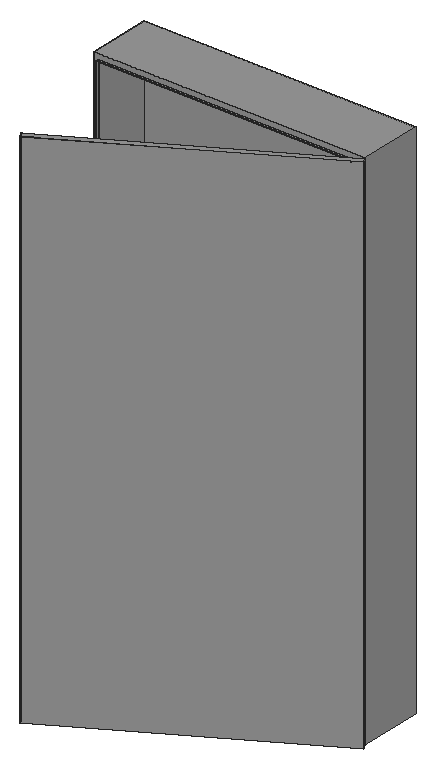
Revit family "Hager-Univers-IP44-D205-H1550-Cl.I-Encl-NoHosted-AT-de", category Equipement électrique, Revit 2020
Family settings
  Configuration du panneau = Deux colonnes, circuits au sein
  Cote de connecteur circulaire = Utiliser le diamètre
  Type d'élément = Tableau de raccordement
  Basée sur le plan de construction = Oui
  Toujours verticalement = Oui
  Couper avec des vides une fois chargée = Non
  Partagée = Non
  Point de calcul de pièce = Non
Parameters (values of type "Aufputz IP44 B800 H1550 T205  - FP03TN2")
  Width Control [instance] = if([EF000008 - Breite] > Min Width, [EF000008 - Breite], Min Width)  # 800 mm
  Commentaires du type = [HG000003 - Bereich]  # "Univers"
  Thickness Door [instance] = if([EF009171 - Materialstärke Tür/Deckel] > 3 mm, 3 mm, [EF009171 - Materialstärke Tür/Deckel])  # 1 mm
  Seal Frame Offset [instance] = 17 mm  # constant formula
  Plinth Visibility [instance] = [HG000027 - Sockelhöhe] > 0 mm  # no
  Min Width [instance] = 100 mm  # constant formula
  Min Depth [instance] = (2 * [EF009170 - Materialstärke Gehäuse]) + 1 mm  # 3 mm
  Min Height [instance] = 100 mm  # constant formula
  Internal Frame Depth [instance] = (Door System Depth * 0.5)  # 9 mm
  Panel Name [instance] = ""  # (empty or 0)
  Model = ""
  HG000027 - Sockelhöhe = 0 mm
  HG000026 - Stehend auf dem Boden = no
  HG000024 - Höhe des unteren Teils = 600 mm
  HG000023 - Gehäuse mit doppeltem Querschnitt = no
  HG000016 - 3D-Türsichtbarkeit [instance] = yes
  HG000015 - Sichtbarkeit der Türöffnung [instance] = no
  HG000014 - Tür rechts [instance] = yes
  HG000013 - Tür links [instance] = not([HG000014 - Tür rechts])  # no
  HG000012 - Türschwenkwinkel [instance] = 30.00°
  HG000010 - Asymmetrische Türen = no
  HG000009 - Doppelflügeligen Tür = no
  HG000006 - Unterputz = no
  HG000004 - Herstellerreferenz = "FP03TN2"
  HG000003 - Bereich = "Univers"
  HG000002 - Mit tür = yes
  Frame Offset Bottom [instance] = 10 mm  # constant formula
  Frame Offset [instance] = 15 mm  # constant formula
  EF015940 - Deckel mit Überdruckentlastung = no
  EF011959 - Schutzart (NEMA) = ""
  EF009554 - Anzahl der Öffnungen für Flanschplatten = 6
  EF009212 - Ausführung Deckel = "EV000116 - geschlossen"
  EF009171 - Materialstärke Tür/Deckel = 1 mm
  EF009170 - Materialstärke Gehäuse = 1 mm
  EF008873 - Nennstrom (In) = 250 A
  EF007800 - Geeignet für Blitzschutz = no
  EF006306 - Mit Schloss = no
  EF006244 - Transparenter Deckel/Tür = no
  EF005474 - Schutzart (IP) = "EV006418 - IP44"
  EF004464 - Art der Tür = "EV002646 - Einzel"
  EF004427 - Anzahl der Module = 360
  EF004293 - Schlagfestigkeit = "EV006815 - IK09"
  EF003532 - Geeignet für Außengebrauch = no
  EF002950 - Breite in Teilungseinheiten = 36
  EF001613 - Funktionserhalt = "EV000494 - ohne"
  EF001596 - Werkstoff des Gehäuses = "EV000179 - Stahl"
  EF001131 - Innentiefe = 205 mm
  EF001088 - Anbaumöglichkeit = yes
  EF000437 - Anzahl der Leitungseinführungen = 6
  EF000339 - Art der Abdeckung = "EV001012 - Deckel"
  EF000266 - Anzahl der Reihen = 10
  EF000218 - Einbautiefe = 205 mm
  EF000118 - Mit Montageplatte = no
  EF000116 - RAL-Nummer = "9010"
  EF000049 - Tiefe = 205 mm
  EF000040 - Höhe = 1550 mm
  EF000008 - Breite = 800 mm
  EF000007 - Farbe = "EV000202 - weiß"
  EF000003 - Montageart = "EV000384 - Aufputz"
  Door System Leaf Tolerance [instance] = 1.5 mm  # constant formula
  Door System Depth [instance] = 18 mm  # constant formula
  Door Height [instance] = Height Control - [HG000027 - Sockelhöhe]  # 1550 mm
  Description = ""
  Default Elevation = 1219.2 mm
  Connector Offset [instance] = Height Control / 2  # 775 mm
  Fabricant = "Hager"  # constant formula
  Height Control [instance] = if([EF000040 - Höhe] > Min Height, [EF000040 - Höhe], Min Height)  # 1550 mm
  Depth Control [instance] = if([EF000049 - Tiefe] > Min Depth, [EF000049 - Tiefe], Min Depth)  # 205 mm
  Bottom Top Plate Trim [instance] = 1.5 mm  # constant formula
  Plinth height Ctrl [instance] = if([HG000027 - Sockelhöhe] > 0 mm, [HG000027 - Sockelhöhe], 12 mm)  # 12 mm
Types (4, lengths in mm): name | Width Control | HG000010 - Asymmetrische Türen | HG000009 - Doppelflügeligen Tür | HG000004 - Herstellerreferenz | EF009554 - Anzahl der Öffnungen für Flanschplatten | EF008873 - Nennstrom (In) | EF004464 - Art der Tür | EF004427 - Anzahl der Module | EF002950 - Breite in Teilungseinheiten | EF000437 - Anzahl der Leitungseinführungen | EF000008 - Breite
  Aufputz IP44 B1050 H1550 T205  - FP04TN2 | 1050 | no | yes | "FP04TN2" | 8 | 400 A | "EV003602 - Doppel" | 480 | 48 | 8 | 1050
  Aufputz IP44 B1300 H1550 T205  - FP05TN2 | 1300 | yes | yes | "FP05TN2" | 10 | 400 A | "EV003602 - Doppel" | 600 | 60 | 10 | 1300
  Aufputz IP44 B550 H1550 T205  - FP02TN2 | 550 | no | no | "FP02TN2" | 4 | 250 A | "EV002646 - Einzel" | 240 | 24 | 4 | 550
  Aufputz IP44 B800 H1550 T205  - FP03TN2 | 800 | no | no | "FP03TN2" | 6 | 250 A | "EV002646 - Einzel" | 360 | 36 | 6 | 800
Reference planes
  plane 1 "Center (Front/Back)": y = 0
  plane 2: z = 0
  plane 3 "Center (Left/Right)": x = 0
  plane 4: y = 0
  plane 5: y = 0
  plane 6: z = 0
  plane 7: x = -400
  plane 8: x = 400
  plane 9: x = 399
  plane 10: x = -399
  plane 11: z = 0
  plane 12: z = 1
  plane 13: y = -205
  plane 14: y = -1
  plane 15: x = 0
  plane 16: y = -187
  plane 17: y = -204
  plane 18: y = -186
  plane 19: x = -384
  plane 20: x = 384
  plane 21: z = 11
  plane 22: x = -383
  plane 23: x = 383
  plane 24: z = 0
  plane 25: z = 1550
  plane 26: z = 1550
  plane 27: z = 1534
  plane 28: z = 1549
Forms (mm)
  Extrusion 1, solid, material "Hager_Steel_RAL7035_Light_Grey", detail levels medium+fine
    sketch origin (-208.679, -4572, 0) x (-1, 0, 0) y (0, -1, 0)
      loop
        line (191.321, -4385) -> (-608.679, -4385) -> (-608.679, -4572) -> (191.321, -4572) -> (191.321, -4385)
    from 0 to 1550
  Extrusion 2, void
    sketch origin (-350.771, -205, 1219.2) x (1, 0, 0) y (0, 0, 1)
      loop
        line (-48.229, 329.8) -> (-48.229, -1218.2) -> (749.771, -1218.2) -> (749.771, 329.8) -> (-48.229, 329.8)
    from -19 to -204
  Extrusion 3, void
    sketch origin (-290.084, -187, 1219.2) x (1, 0, 0) y (0, 0, 1)
      loop
        line (-93.916, -1208.2) -> (674.084, -1208.2) -> (674.084, 314.8) -> (-93.916, 314.8) -> (-93.916, -1208.2)
    from 0 to -1
  Extrusion 4, solid, material "Hager_Steel_RAL7035_Light_Grey", visible <- "Plinth Visibility", detail levels medium+fine
    sketch origin (0, 0, 0) x (1, 0, 0) y (0, 1, 0)
      loop
        line (-400, 0) -> (-400, -187) -> (400, -187) -> (400, 0) -> (-400, 0)
    from 0 to 12 <- "Plinth height Ctrl"
  Extrusion 5, solid, material "Hager_Steel_RAL7035_Light_Grey", detail levels coarse
    sketch origin (0, 0, 0) x (1, 0, 0) y (0, 1, 0)
      loop
        line (-400, 0) -> (-400, -205) -> (400, -205) -> (400, 0) -> (-400, 0)
    from 0 to 1550 <- "Height Control"
  Sweep 6, void
    path in 3D
      loop
        line (-400, -187, 12) -> (400, -187, 12) -> (400, 0, 12) -> (-400, 0, 12) -> (-400, -187, 12)
    profile origin (-400, -93.5, 12) x (1, 0, 0) y (0, 0, 1)
      loop
        line (0, 0) -> (0, -1.5) -> (1.5, -1.5)
        arc (1.5, -1.5) -> (1.061, -0.439) -> (0, 0) r 1.5
  Extrusion 7, solid, material "Hager_Steel_RAL7035_Light_Grey", detail levels fine
    sketch origin (-400, -187, 0) x (1, 0, 0) y (0, 0, 1)
      loop
        line (16, 11) -> (784, 11) -> (784, 1534) -> (16, 1534) -> (16, 11)
      loop
        line (15, 10) -> (785, 10) -> (785, 1535) -> (15, 1535) -> (15, 10)
    from 0 to 9 <- "Internal Frame Depth"
Cuts and joins
  Extrusion 2, Extrusion 3 cuts Extrusion 1
  Sweep 6 cuts Extrusion 4
Lines and regions (mm)
  Masking region 1
    outline origin (0, 0, 0) x (1, 0, 0) y (0, 1, 0)
      loop
        line (-400, 0) -> (-400, -205) -> (400, -205) -> (400, 0) -> (-400, 0)
  Masking region 2, detail levels coarse
    outline origin (-290.084, -187, 1219.2) x (-1, 0, 0) y (0, 0, 1)
      loop
        line (-690.084, -1219.2) -> (109.916, -1219.2) -> (109.916, 330.8) -> (-690.084, 330.8) -> (-690.084, -1219.2)
  Masking region 3, detail levels coarse
    outline origin (0, 0, 0) x (0, 1, 0) y (0, 0, 1)
      loop
        line (0, 0) -> (0, 1550) -> (-205, 1550) -> (-205, 0) -> (0, 0)
  Masking region 4, visible <- "Plinth Visibility", detail levels medium+fine
    outline origin (0, 0, 0) x (0, 1, 0) y (0, 0, 1)
      loop
        line (-1.5, 12) -> (-185.5, 12)
        arc (-185.5, 12) -> (-185.939, 10.939) -> (-187, 10.5) r 1.5
        line (-187, 10.5) -> (-187, 0) -> (0, 0) -> (0, 10.5)
        arc (0, 10.5) -> (-1.061, 10.939) -> (-1.5, 12) r 1.5
  Masking region 5, detail levels medium+fine
    outline origin (0, 0, 594.038) x (0, 1, 0) y (0, 0, 1)
      loop
        line (0, -594.038) -> (0, 955.962) -> (-187, 955.962) -> (-187, -594.038) -> (0, -594.038)
  Masking region 6, detail levels medium+fine
    outline origin (-359.7, -187, 1211.883) x (-1, 0, 0) y (0, 0, 1)
      loop
        line (-759.7, -1211.883) -> (40.3, -1211.883) -> (40.3, 338.117) -> (-759.7, 338.117) -> (-759.7, -1211.883)
  Masking region 7, visible <- "Plinth Visibility", detail levels medium+fine
    outline origin (-320.334, -187, 1041.368) x (-1, 0, 0) y (0, 0, 1)
      loop
        line (-720.334, -1041.368) -> (79.666, -1041.368) -> (79.666, -1030.868)
        arc (79.666, -1030.868) -> (78.606, -1030.429) -> (78.166, -1029.368) r 1.5
        line (78.166, -1029.368) -> (-718.834, -1029.368)
        arc (-718.834, -1029.368) -> (-719.273, -1030.429) -> (-720.334, -1030.868) r 1.5
        line (-720.334, -1030.868) -> (-720.334, -1041.368)
  sketch lines
    curve 1: line (-400, 0, 12) -> (-400, -187, 12)
    curve 2: line (-400, -187, 12) -> (400, -187, 12)
    curve 3: line (400, 0, 12) -> (-400, 0, 12)
    curve 4: line (400, -187, 12) -> (400, 0, 12)
Dimensions and locks
  locked: plane 1 "Center (Front/Back)" to plane 5
  "EF009170 - Materialstärke Gehäuse": plane 7 to plane 10
  "EF009170 - Materialstärke Gehäuse": plane 8 to plane 9
  equal spacing: plane 7, plane 3 "Center (Left/Right)", plane 8
  "Width Control": plane 7 to plane 8
  "Depth Control": plane 4 to plane 13
  "EF009170 - Materialstärke Gehäuse": plane 4 to plane 14
  "Height Control": plane 25 to level
  "HG000027 - Sockelhöhe": plane 11 to level
  "EF009170 - Materialstärke Gehäuse": plane 12 to plane 11
  "EF009170 - Materialstärke Gehäuse": plane 17 to plane 13
  "EF009170 - Materialstärke Gehäuse": plane 18 to plane 16
  "Frame Offset Bottom": plane 21 to plane 12
  "Frame Offset": plane 10 to plane 19
  "Frame Offset": plane 9 to plane 20
  "Door System Depth": plane 16 to plane 13
  "Seal Frame Offset": plane 7 to plane 22
  "Seal Frame Offset": plane 8 to plane 23
  "EF009170 - Materialstärke Gehäuse": plane 26 to plane 28
  "Frame Offset": plane 28 to plane 27
  "Connector Offset": plane 2 to connector elem
  "Bottom Top Plate Trim": profile plane to Sweep 6 sketch curve
  "Bottom Top Plate Trim": Sweep 6 sketch curve to Sweep 6 sketch curve
  "Plinth height Ctrl": Masking region 4 sketch curve to level
  "Plinth height Ctrl": Masking region 7 sketch curve to level
  "Thickness Door": Extrusion 7 sketch curve to Extrusion 7 sketch curve  (x4)
  "Bottom Top Plate Trim": radius of Sweep 6 sketch curve
  "Bottom Top Plate Trim": radius of Masking region 4 sketch curve  (x2)
  "Bottom Top Plate Trim": radius of Masking region 7 sketch curve  (x2)
  aligned and locked: Extrusion 2 sketch curve to plane 12
  aligned and locked: Extrusion 2 sketch curve to plane 9
  aligned and locked: Extrusion 2 sketch curve to plane 10
  aligned and locked: Extrusion 2 to plane 14
  aligned and locked: Extrusion 1 sketch curve to plane 4
  aligned and locked: plane 8 to Extrusion 1 sketch curve
  aligned and locked: plane 7 to Extrusion 1 sketch curve
  aligned and locked: Extrusion 2 to plane 18
  aligned and locked: Extrusion 3 sketch curve to plane 19
  aligned and locked: plane 20 to Extrusion 3 sketch curve
  aligned and locked: Extrusion 3 to Extrusion 2
  aligned and locked: Extrusion 3 sketch curve to plane 21
  aligned and locked: plane 3 "Center (Left/Right)" to nested 1
  aligned and locked: Extrusion 1 sketch curve to plane 16
  aligned and locked: Extrusion 4 sketch curve to cut or joined group of Extrusion 1, Extrusion 2, Extrusion 3
  aligned and locked: Masking region 1 sketch curve to plane 7
  aligned and locked: Masking region 1 sketch curve to plane 5
  aligned and locked: Masking region 1 sketch curve to plane 8
  aligned and locked: Masking region 2 sketch curve to level
  aligned and locked: level to Masking region 3 sketch curve
  aligned and locked: plane 1 "Center (Front/Back)" to Masking region 3 sketch curve
  aligned and locked: plane 13 to Masking region 3 sketch curve
  aligned and locked: plane 5 to Masking region 4 sketch curve
  aligned and locked: Masking region 2 sketch curve to plane 8
  aligned and locked: Masking region 2 sketch curve to plane 7
  aligned and locked: plane 7 to nested 2
  aligned and locked: nested 2 to plane 5
  aligned and locked: plane 5 to Masking region 5 sketch curve
  aligned and locked: plane 26 to Masking region 5 sketch curve
  aligned and locked: Extrusion 5 sketch curve to plane 8
  aligned and locked: Extrusion 5 sketch curve to plane 7
  aligned and locked: Extrusion 5 sketch curve to plane 5
  aligned and locked: Extrusion 3 sketch curve to plane 27
  aligned and locked: Extrusion 2 sketch curve to plane 28
  aligned and locked: Masking region 2 to plane 25
  aligned and locked: Extrusion 4 to plane 16
  aligned and locked: profile plane to Sweep 6 sketch curve
  aligned and locked: Masking region 5 sketch curve to plane 24
  aligned and locked: level to Masking region 4 sketch curve
  aligned and locked: Masking region 1 to plane 13
  aligned and locked: nested 1 to plane 16
  aligned and locked: Masking region 3 to plane 25
  aligned and locked: plane 16 to Masking region 4 sketch curve
  aligned and locked: Masking region 5 sketch curve to plane 16
  aligned and locked: plane 24 to plane 11
  aligned and locked: plane 26 to plane 25
  aligned and locked: plane 26 to cut or joined group of Extrusion 1, Extrusion 2, Extrusion 3
  aligned and locked: nested 1 to plane 24
  aligned and locked: Extrusion 1 to Extrusion 3
  aligned and locked: Masking region 6 sketch curve to plane 8
  aligned and locked: Masking region 6 sketch curve to plane 24
  aligned and locked: Masking region 6 sketch curve to plane 7
  aligned and locked: Masking region 6 sketch curve to plane 26
  aligned and locked: Masking region 7 sketch curve to plane 7
  aligned and locked: level to Masking region 7 sketch curve
  aligned and locked: Masking region 7 sketch curve to plane 8
  aligned and locked: Extrusion 7 sketch curve to cut or joined group of Extrusion 1, Extrusion 2, Extrusion 3  (x4)
Automatic sketch dimensions
  plane 19 to Extrusion 3 sketch curve = 0 mm
  Extrusion 3 sketch curve to plane 20 = 0 mm
  Extrusion 3 sketch curve to plane 21 = 0 mm
  Extrusion 4 sketch curve to plane 7 = 0 mm
  Extrusion 4 sketch curve to plane 8 = 0 mm
  Extrusion 4 sketch curve to plane 16 = 0 mm
  Masking region 1 sketch curve to plane 13 = 0 mm
  Masking region 2 sketch curve to plane 25 = 0 mm
  Masking region 3 sketch curve to plane 25 = 0 mm
  Extrusion 5 sketch curve to plane 13 = 0 mm
  profile plane to Sweep 6 sketch curve = 0 mm
Nested families
  nested 1: "EC000058_Univers_Door" at (0, -187, 0), Double <- "HG000009 - Doppelflügeligen Tür", Transparent <- "EF006244 - Transparenter Deckel/Tür", Angle <- "HG000012 - Türschwenkwinkel", Door_Right <- "HG000014 - Tür rechts", Assymetrical <- "HG000010 - Asymmetrische Türen", Door <- "HG000002 - Mit tür", Width_Ctrl <- "Width Control", 3d_Door <- "HG000016 - 3D-Türsichtbarkeit", Clearance <- "HG000015 - Sichtbarkeit der Türöffnung", Door_Left <- "HG000013 - Tür links", Width <- "Width Control", Door_Depth <- "Door System Depth", Leaf_Tolerance <- "Door System Leaf Tolerance", Height <- "Door Height", Lock_Visibility <- "EF006306 - Mit Schloss", Thickness <- "Thickness Door", type "EC000058_Univers_Door", detail levels medium+fine
    with min_wh 3 mm, Width_Ctrl 800 mm, Width 800 mm, Transparent no, Thickness 1 mm, Seal_Material Hager_Rubber, Lock_Visibility no, Lock_Material Hager_Plastic_RAL9005_Jet_Black, Leaf_Width 800 mm, Leaf_Tolerance_External_Sides 0 mm, Leaf_Tolerance 1.5 mm, Leaf_Offset 0 mm, Leaf_Height 1547 mm, Leaf_2_Width 800 mm, Leaf_2_Offset 400 mm, Leaf_1_Width 800 mm, Leaf_1_Offset 400 mm, Height_Ctrl 1550 mm, Height 1550 mm, Glass_Material Hager_Glass, Double_Clearance_Ctrl no, Double no, Door_Right_Ctrl yes, Door_Right yes, Door_Material Hager_Steel_RAL7035_Light_Grey, Door_Left_Ctrl no, Door_Left no, Door_Depth 18 mm, Door yes, Clearance_Material Hager_Clearance, Clearance_Depth 800 mm, Clearance_Ctrl no, Clearance no, Assymetrical no, Angle 30.00°, 3d_Door yes
  nested 2: "Hager_Enclosure_Symbol" at (-400, 0, 0), Height <- "Depth Control", Width <- "Width Control", type "Hager_Enclosure_Symbol"
    with Width_Ctrl 800 mm, Width 800 mm, Height_Ctrl 205 mm, Height 205 mm, A_Width_Int 13.453 mm, A_Width 161.438 mm, A_Height_Ctrl 179.375 mm, A_Height 179.375 mm
Connectors
  electrical at (0, 0, 775)
    settings: on plane 1 "Center (Front/Back)", index 1, voltage 0 V, apparent load 0 VA, apparent load phase1 0 VA, apparent load phase2 0 VA, apparent load phase3 0 VA, power factor 1, load classification "Other", number of poles 1, system type 30, power factor state 1, is connector primary yes, connector utility no, sub classification motor no, connector description ""
Definition of nested family "EC000058_Univers_Door"
  Parameters (values of type "EC000058_Univers_Door")
    min_wh [instance] = (2 * Thickness) + 1 mm  # 11 mm
    Width_Ctrl [instance] = 400 mm
    Width [instance] = 500 mm
    Transparent [instance] = yes
    Thickness [instance] = 5 mm
    Seal_Material [instance] = none
    Lock_Visibility [instance] = yes
    Lock_Material [instance] = none
    Leaf_Width [instance] = if((Width_Ctrl - 2 * Leaf_Tolerance_External_Sides) > 0 mm, (Width_Ctrl - 2 * Leaf_Tolerance_External_Sides), min_wh)  # 400 mm
    Leaf_Tolerance_External_Sides [instance] = 0 mm  # constant formula
    Leaf_Tolerance [instance] = 1.5 mm
    Leaf_Offset [instance] = 0 mm  # constant formula
    Leaf_Height [instance] = if((Height_Ctrl - 2 * Leaf_Tolerance) > 0 mm, (Height_Ctrl - 2 * Leaf_Tolerance), min_wh)  # 497 mm
    Leaf_2_Width [instance] = if(and(and(Double, Assymetrical), Door_Left), (Leaf_Width / 3) - (Leaf_Tolerance / 2), if(and(and(Double, Assymetrical), Door_Right), (Leaf_Width / 3) * 2 - (Leaf_Tolerance / 2), if(and(Double, not(Assymetrical)), (Leaf_Width / 2) - Leaf_Tolerance, Leaf_Width)))  # 400 mm
    Leaf_2_Offset [instance] = if(and(Double, Assymetrical), Leaf_2_Width / 2, if(and(Double, not(Assymetrical)), Leaf_Width / 4, Leaf_Width / 2))  # 200 mm
    Leaf_1_Width [instance] = if(and(and(Double, Assymetrical), Door_Right), (Leaf_Width / 3) - (Leaf_Tolerance / 2), if(and(and(Double, Assymetrical), Door_Left), (Width / 3) * 2 - (Leaf_Tolerance / 2), if(and(Double, not(Assymetrical)), (Leaf_Width / 2) - Leaf_Tolerance, Leaf_Width)))  # 400 mm
    Leaf_1_Offset [instance] = if(and(Double, Assymetrical), Leaf_1_Width / 2, if(and(Double, not(Assymetrical)), Leaf_Width / 4, Leaf_Width / 2))  # 200 mm
    Height_Ctrl [instance] = if(Height > min_wh, Height, min_wh)  # 500 mm
    Height [instance] = 500 mm
    Glass_Material [instance] = none
    Double_Clearance_Ctrl [instance] = and(Double, Clearance)  # no
    Double [instance] = no
    Door_Right_Ctrl [instance] = and(or(Door_Right, Double), Door)  # yes
    Door_Right [instance] = yes
    Door_Material [instance] = none
    Door_Left_Ctrl [instance] = and(or(Door_Left, Double), Door)  # no
    Door_Left [instance] = no
    Door_Depth [instance] = 30 mm
    Door [instance] = yes
    Default Elevation = 1219.2 mm
    Clearance_Material [instance] = none
    Clearance_Depth [instance] = if(Leaf_1_Width > Leaf_2_Width, Leaf_1_Width, Leaf_2_Width)  # 400 mm
    Clearance_Ctrl [instance] = and(not(Double), Clearance)  # yes
    Clearance [instance] = yes
    Assymetrical [instance] = yes
    Angle [instance] = 30.00°
    3d_Door [instance] = yes
  Reference planes
    plane 1 "Center (Front/Back)": y = 0
    plane 2 "Bottom": z = 0
    plane 3 "Center (Left/Right)": x = 0
    plane 4: z = 500
    plane 5: x = -200
    plane 6: x = 200
    plane 7: z = 500
    plane 8: x = -200
    plane 9: z = 0
    plane 10: x = 200
    plane 11: y = 0
    plane 12: z = 1.5
    plane 13: x = -600
    plane 14: y = -400
    plane 15: x = 600
    plane 16: x = 0
    plane 17: x = 0
    plane 18: x = -200
    plane 19: x = 200
    plane 20: z = 498.5
  Forms (mm)
    Extrusion 1, solid, material <- "Clearance_Material", visible <- "Double_Clearance_Ctrl"
      sketch origin (1200, 0, 0) x (1, 0, 0) y (0, 0, -1)
        loop
          line (-1800, -498.5) -> (-600, -498.5) -> (-600, 0) -> (-1800, 0) -> (-1800, -498.5)
      from 0 to -400
  Dimensions and locks
    equal spacing: plane 5, plane 3 "Center (Left/Right)", plane 6
    "Width_Ctrl": plane 5 to plane 6
    "Leaf_Offset": plane 5 to plane 8
    "Leaf_Offset": plane 6 to plane 10
    "Leaf_Offset": plane 9 to level
    "Leaf_Offset": plane 4 to plane 7
    "Height_Ctrl": plane 4 to level
    "Leaf_Tolerance": plane 12 to plane 9
    locked: plane 11 to plane 1 "Center (Front/Back)"
    "Leaf_1_Offset": plane 18 to plane 16
    "Leaf_2_Offset": plane 17 to plane 19
    "Leaf_1_Width": plane 13 to plane 8
    "Leaf_2_Width": plane 10 to plane 15
    "Clearance_Depth": plane 14 to plane 1 "Center (Front/Back)"
    "Leaf_Tolerance_External_Sides": plane 8 to plane 18
    "Leaf_Tolerance_External_Sides": plane 19 to plane 10
    "Leaf_Tolerance": plane 7 to plane 20
    aligned and locked: level to plane 2 "Bottom"
    aligned and locked: nested 1 to plane 16
    aligned and locked: nested 2 to plane 17
    aligned and locked: Extrusion 1 to plane 13
    aligned and locked: plane 15 to Extrusion 1
    aligned and locked: Extrusion 1 to plane 14
    aligned and locked: plane 12 to nested 1
    aligned and locked: nested 2 to plane 12
    aligned and locked: Extrusion 1 to plane 11
    aligned and locked: plane 20 to Extrusion 1
    aligned and locked: nested 2 to plane 11
    aligned and locked: nested 1 to plane 11
  Automatic sketch dimensions
    Extrusion 1 sketch curve to level = 0 mm
    plane 5 to Extrusion 1 sketch curve = 400 mm
    plane 6 to Extrusion 1 sketch curve = 400 mm
    Extrusion 1 sketch curve to plane 4 = 1.5 mm
  Nested families
    nested 1: "EC000058_Univers_Door_Leaf" at (0, 0, 1.5), Width <- "Leaf_1_Width", visible <- "Door_Left_Ctrl", Leaf_Height <- "Leaf_Height", Angle <- "Angle", 3d_Door <- "3d_Door", Transparent <- "Transparent", Clearance Material <- "Clearance_Material", Clearance <- "Clearance_Ctrl", Door_Material <- "Door_Material", Glass_Material <- "Glass_Material", Door_Depth <- "Door_Depth", Lock_Material <- "Lock_Material", Seal_Material <- "Seal_Material", Lock_Visibility <- "Lock_Visibility", Thickness <- "Thickness", type "EC000058_Univers_Door_Leaf"
      with Width 400 mm, Transparent_Glass_Offset 30 mm, Transparent_Ctrl yes, Transparent yes, Thickness 5 mm, Standard no, Seal_Material none, Seal_D2 8 mm, Seal_D1 1 mm, Offset_Internal_Frame 10 mm, Lock_Width 20 mm, Lock_Visibility_3d yes, Lock_Visibility yes, Lock_Thickness_3 3 mm, Lock_Thickness_2 1 mm, Lock_Thickness_1 3 mm, Lock_Radius_Offset_2 16 mm, Lock_Radius_Offset_1 15 mm, Lock_Radius_2 5 mm, Lock_Radius 6 mm, Lock_Offset 5 mm, Lock_Material none, Lock_Height 80 mm, Lock_Cover_Top_Offset_2d 17 mm, Lock_Cover_Height -65 mm, Leaf_Height 497 mm, Internal_Seal_Thickness 8 mm, Internal_Seal_Depth_2 4.5 mm, Internal_Frame_Depth 25 mm, Glass_Thickness -1 mm, Glass_Offset -2 mm, Glass_Material none, Door_Material none, Door_Depth 30 mm, Clearance Material none, Clearance yes, Angle_Ctrl 30.00°, Angle 30.00°, 3d_Door yes
    nested 2: "EC000058_Univers_Door_Leaf" at (0, 0, 1.5) x (-1, 0, 0) z (0, 0, 1), Width <- "Leaf_2_Width", visible <- "Door_Right_Ctrl", Leaf_Height <- "Leaf_Height", Angle <- "Angle", 3d_Door <- "3d_Door", Transparent <- "Transparent", Clearance Material <- "Clearance_Material", Clearance <- "Clearance_Ctrl", Door_Material <- "Door_Material", Glass_Material <- "Glass_Material", Door_Depth <- "Door_Depth", Lock_Material <- "Lock_Material", Seal_Material <- "Seal_Material", Lock_Visibility <- "Lock_Visibility", Thickness <- "Thickness", type "EC000058_Univers_Door_Leaf"
      with Width 400 mm, Transparent_Glass_Offset 30 mm, Transparent_Ctrl yes, Transparent yes, Thickness 5 mm, Standard no, Seal_Material none, Seal_D2 8 mm, Seal_D1 1 mm, Offset_Internal_Frame 10 mm, Lock_Width 20 mm, Lock_Visibility_3d yes, Lock_Visibility yes, Lock_Thickness_3 3 mm, Lock_Thickness_2 1 mm, Lock_Thickness_1 3 mm, Lock_Radius_Offset_2 16 mm, Lock_Radius_Offset_1 15 mm, Lock_Radius_2 5 mm, Lock_Radius 6 mm, Lock_Offset 5 mm, Lock_Material none, Lock_Height 80 mm, Lock_Cover_Top_Offset_2d 17 mm, Lock_Cover_Height -65 mm, Leaf_Height 497 mm, Internal_Seal_Thickness 8 mm, Internal_Seal_Depth_2 4.5 mm, Internal_Frame_Depth 25 mm, Glass_Thickness -1 mm, Glass_Offset -2 mm, Glass_Material none, Door_Material none, Door_Depth 30 mm, Clearance Material none, Clearance yes, Angle_Ctrl 30.00°, Angle 30.00°, 3d_Door yes
  Definition of nested family "EC000058_Univers_Door_Leaf"
    Parameters (values of type "EC000058_Univers_Door_Leaf")
      Width [instance] = 2000 mm
      Transparent_Glass_Offset [instance] = 30 mm
      Transparent_Ctrl [instance] = and(Transparent, [3d_Door])  # yes
      Transparent [instance] = yes
      Thickness [instance] = 5 mm
      Standard [instance] = and(not(Transparent), [3d_Door])  # no
      Seal_Material [instance] = none
      Seal_D2 [instance] = 8 mm  # constant formula
      Seal_D1 [instance] = 1 mm  # constant formula
      Offset_Internal_Frame [instance] = 10 mm  # constant formula
      Lock_Width [instance] = 20 mm  # constant formula
      Lock_Visibility_3d [instance] = and(Lock_Visibility, [3d_Door])  # yes
      Lock_Visibility [instance] = yes
      Lock_Thickness_3 [instance] = 3 mm  # constant formula
      Lock_Thickness_2 [instance] = 1 mm  # constant formula
      Lock_Thickness_1 [instance] = 3 mm  # constant formula
      Lock_Radius_Offset_2 [instance] = Lock_Radius_Offset_1 + 1 mm  # 16 mm
      Lock_Radius_Offset_1 [instance] = 15 mm  # constant formula
      Lock_Radius_2 [instance] = Lock_Radius - 1 mm  # 5 mm
      Lock_Radius [instance] = 6 mm  # constant formula
      Lock_Offset [instance] = 5 mm  # constant formula
      Lock_Material [instance] = none
      Lock_Height [instance] = 80 mm  # constant formula
      Lock_Cover_Top_Offset_2d [instance] = Lock_Radius_Offset_2 + 1 mm  # 17 mm
      Lock_Cover_Height [instance] = -(Lock_Height - Lock_Radius_Offset_1)  # -65 mm
      Leaf_Height [instance] = 2720.336 mm
      Internal_Seal_Thickness [instance] = 8 mm  # constant formula
      Internal_Seal_Depth_2 [instance] = 4.5 mm  # constant formula
      Internal_Frame_Depth [instance] = if(Door_Depth - Thickness > 5 mm, Door_Depth - Thickness, 5 mm)  # 25 mm
      Glass_Thickness [instance] = if(Thickness > 15 mm, Glass_Offset + 10 mm, -1 mm)  # -1 mm
      Glass_Offset [instance] = if(Thickness > 15 mm, -(Thickness + 10 mm) / 2, -2 mm)  # -2 mm
      Glass_Material [instance] = none
      Door_Material [instance] = none
      Door_Depth [instance] = 30 mm
      Default Elevation = 0 mm
      Clearance Material [instance] = none
      Clearance [instance] = yes
      Angle_Ctrl [instance] = if(Angle > 180.00°, 180.00°, Angle)  # 90.00°
      Angle [instance] = 90.00°
      3d_Door [instance] = yes
    Reference planes
      plane 1 "Center (Front/Back)": y = 0
      plane 2: z = 0
      plane 3 "Center (Left/Right)": x = 0
      plane 4: y = 2000
      plane 5: x = -1000
      plane 6: x = 1000
      plane 7: x = -3000
      plane 8: z = 2720.336
      plane 9: z = 30
      plane 10: z = 2690.336
      plane 11: x = 970
      plane 12: x = -970
      plane 13: y = -3
      plane 14: z = 107.833
      plane 15: y = -5
      plane 16: y = -223.314
      plane 17: x = -1000
      plane 18: z = 1360.168
      plane 19: y = 30
    Forms (mm)
      Extrusion 1, solid, material <- "Clearance Material", visible <- "Clearance"
        sketch origin (0, 0, 0) x (1, 0, 0) y (0, 0, 1)
          loop
            line (-3000, 2720.336) -> (-3000, 0) -> (1000, 0) -> (1000, 2720.336) -> (-3000, 2720.336)
        from 0 to -2000
      Extrusion 2, solid, material <- "Door_Material", visible <- "Standard", detail levels medium+fine
        sketch origin (-1000, 0, 0) x (0, 1, 0) y (-1, 0, 0)
          loop
            line (0, 30) -> (0, 25) -> (2000, 25) -> (2000, 30) -> (0, 30)
        from 0 to 2720.336 <- "Leaf_Height"
      Extrusion 3, solid, material <- "Door_Material", visible <- "Transparent_Ctrl", detail levels medium+fine
        sketch origin (-1000, 0, 0) x (0, 1, 0) y (-1, 0, 0)
          loop
            line (0, 25) -> (2000, 25) -> (2000, 30) -> (0, 30) -> (0, 25)
        from 0 to 2720.336 <- "Leaf_Height"
      Extrusion 4, void
        sketch origin (-1025, 2000, 0) x (0, 1, 0) y (0, 0, -1)
          loop
            line (-30, -2690.336) -> (-30, -30) -> (-1970, -30) -> (-1970, -2690.336) -> (-30, -2690.336)
        from 0 to 5 <- "Thickness"
      Sweep 5, solid, material <- "Seal_Material", visible <- "Transparent_Ctrl", detail levels fine
        path in 3D
          loop
            line (-1025, 30, 30) -> (-1025, 30, 2690.336) -> (-1025, 1970, 2690.336) -> (-1025, 1970, 30) -> (-1025, 30, 30)
        profile origin (-1025, 1000, 30) x (1, 0, 0) y (0, 0, 1)
          loop
            line (0, 0) -> (0, -8) -> (1, -8) -> (1, 0) -> (0, 0)
      Extrusion 6, solid, material <- "Glass_Material", visible <- "Transparent_Ctrl", detail levels medium+fine
        sketch origin (-1030, 0, 0) x (0, 1, 0) y (0, 0, -1)
          loop
            line (1970, -2690.336) -> (1970, -30) -> (30, -30) -> (30, -2690.336) -> (1970, -2690.336)
        from -2 <- "Glass_Offset" to -1 <- "Glass_Thickness"
      Extrusion 7, solid, material <- "Door_Material", visible <- "3d_Door", detail levels medium+fine
        sketch origin (-1025, 2000, 0) x (0, -1, 0) y (0, 0, -1)
          loop
            line (0, -2720.336) -> (2000, -2720.336) -> (2000, 0) -> (0, 0) -> (0, -2720.336)
          loop
            line (1995, -5) -> (5, -5) -> (5, -2715.336) -> (1995, -2715.336) -> (1995, -5)
        from 0 to 25 <- "Internal_Frame_Depth"
      Sweep 8, solid, material <- "Seal_Material", visible <- "Transparent_Ctrl", detail levels fine
        path in 3D
          loop
            line (-1025, 0, 0) -> (-1025, 2000, 0) -> (-1025, 2000, 2720.336) -> (-1025, 0, 2720.336) -> (-1025, 0, 0)
        profile origin (-1025, 0, 1360.168) x (1, 0, 0) y (0, 1, 0)
          loop
            line (0, 10) -> (2.975, 10)
            arc (2.975, 10) -> (4.053, 10.447) -> (4.5, 11.525) r 1.525
            line (4.5, 11.525) -> (4.5, 16.527)
            arc (4.5, 16.527) -> (4.069, 17.569) -> (3.027, 18) r 1.473
            line (3.027, 18) -> (0, 18) -> (0, 10)
      Extrusion 9, solid, material <- "Lock_Material", visible <- "Lock_Visibility_3d", detail levels fine
        sketch origin (-1030, 0, 0) x (0, 1, 0) y (0, 0, -1)
          loop
            arc (1993.5, -1400.168) -> (1994.561, -1399.729) -> (1995, -1398.668) r 1.5
            line (1995, -1398.668) -> (1995, -1320.168) -> (1975, -1320.168) -> (1975, -1398.668)
            arc (1975, -1398.668) -> (1975.439, -1399.729) -> (1976.5, -1400.168) r 1.5
            line (1976.5, -1400.168) -> (1993.5, -1400.168)
        from 3 <- "Lock_Thickness_1" to 0
      Blend 10, solid, material <- "Lock_Material", visible <- "Lock_Visibility_3d", detail levels fine
        base sketch origin (-1033, 0, 0) x (0, 1, 0) y (0, 0, -1)
          loop
            line (1975, -1320.168) -> (1975, -1398.668)
            arc (1975, -1398.668) -> (1975.439, -1399.729) -> (1976.5, -1400.168) r 1.5
            line (1976.5, -1400.168) -> (1993.5, -1400.168)
            arc (1993.5, -1400.168) -> (1994.561, -1399.729) -> (1995, -1398.668) r 1.5
            line (1995, -1398.668) -> (1995, -1320.168) -> (1975, -1320.168)
        top sketch origin (-1033, 0, 0) x (0, 1, 0) y (0, 0, -1)
          loop
            line (1976, -1320.168) -> (1976, -1398.668)
            arc (1976, -1398.668) -> (1976.146, -1399.022) -> (1976.5, -1399.168) r 0.5
            line (1976.5, -1399.168) -> (1993.5, -1399.168)
            arc (1993.5, -1399.168) -> (1993.854, -1399.022) -> (1994, -1398.668) r 0.5
            line (1994, -1398.668) -> (1994, -1320.168) -> (1976, -1320.168)
        from 0 to 1 <- "Lock_Thickness_2"
      Blend 11, solid, material <- "Lock_Material", visible <- "Lock_Visibility_3d", detail levels fine
        base sketch origin (-1034, 0, 0) x (0, 1, 0) y (0, 0, -1)
          loop
            line (1978, -1320.168) -> (1978, -1384.168)
            arc (1978, -1384.168) -> (1985, -1391.168) -> (1992, -1384.168) r 7
            line (1992, -1384.168) -> (1992, -1320.168) -> (1978, -1320.168)
        top sketch origin (-1034, 0, 0) x (0, 1, 0) y (0, 0, -1)
          loop
            line (1991, -1320.168) -> (1979, -1320.168) -> (1979, -1383.168)
            arc (1979, -1383.168) -> (1985, -1389.168) -> (1991, -1383.168) r 6
            line (1991, -1383.168) -> (1991, -1320.168)
        from 0 to 3 <- "Lock_Thickness_3"
      Extrusion 12, solid, material <- "Lock_Material", visible <- "Lock_Visibility_3d", detail levels fine
        sketch origin (-1030, 1975, 1320.168) x (1, 0, 0) y (0, -1, 0)
          loop
            line (-7, -19) -> (-7, -1) -> (0, -1) -> (0, 0) -> (-8, 0) -> (-8, -20) -> (0, -20) -> (0, -19) -> (-7, -19)
        from 0 to -65 <- "Lock_Cover_Height"
      Extrusion 13, void
        sketch origin (-1038, 1995, 1320.168) x (-1, 0, 0) y (0, 0, -1)
          loop
            line (-5, -65) -> (0, -65) -> (-5, -60) -> (-5, -65)
        from 0 to 20 <- "Lock_Width"
      Extrusion 14, void
        sketch origin (-1038, 1975, 1320.168) x (0, -1, 0) y (0, 0, -1)
          loop
            circle (-10, -15.995) r 6
          loop
            circle (-10, -15.995) r 5
        from 0 to 2
      Extrusion 15, solid, material <- "Lock_Material", visible <- "Lock_Visibility_3d", detail levels medium
        sketch origin (-1030, 0, 0) x (0, 1, 0) y (0, 0, -1)
          loop
            arc (1993.5, -1400.168) -> (1994.561, -1399.729) -> (1995, -1398.668) r 1.5
            line (1995, -1398.668) -> (1995, -1320.168) -> (1975, -1320.168) -> (1975, -1398.668)
            arc (1975, -1398.668) -> (1975.439, -1399.729) -> (1976.5, -1400.168) r 1.5
            line (1976.5, -1400.168) -> (1993.5, -1400.168)
        from 8 to 0
    Cuts and joins
      Extrusion 4 cuts Extrusion 3
      Extrusion 13, Extrusion 14 cuts Extrusion 9
      Extrusion 14 cuts Blend 11
      Extrusion 13, Extrusion 14 cuts Extrusion 12
      joined: Extrusion 9, Blend 10, Blend 11, Extrusion 12
      Extrusion 14 cuts Extrusion 15
    Lines and regions (mm)
      Masking region 1, visible <- "Lock_Visibility", detail levels fine
        outline origin (0, 0, 0) x (0, 1, 0) y (0, 0, 1)
          loop
            line (30, 1320.168) -> (33, 1320.168) -> (33, 1400.168) -> (30, 1400.168) -> (30, 1320.168)
      Masking region 2, visible <- "Lock_Visibility", detail levels fine
        outline origin (0, 3.143, 0) x (0, 1, 0) y (0, 0, 1)
          loop
            line (29.857, 1354.168) -> (30.857, 1354.168) -> (30.857, 1366.168) -> (29.857, 1366.168) -> (29.857, 1354.168)
      Masking region 3, detail levels medium+fine
        outline origin (0, 0, 0) x (0, 1, 0) y (0, 0, 1)
          loop
            line (0, 0) -> (30, 0) -> (30, 2720.336) -> (0, 2720.336) -> (0, 0)
      Masking region 4, detail levels medium+fine
        outline origin (0, 0, 0) x (1, 0, 0) y (0, 0, 1)
          loop
            line (-1000, 2720.336) -> (-1000, 0) -> (1000, 0) -> (1000, 2720.336) -> (-1000, 2720.336)
      Masking region 5, visible <- "Lock_Visibility", detail levels fine
        outline origin (-47.116, 0, 0) x (1, 0, 0) y (0, 0, 1)
          loop
            arc (1024.616, 1399.168) -> (1023.556, 1398.729) -> (1023.116, 1397.668) r 1.5
            line (1023.116, 1397.668) -> (1023.116, 1320.168) -> (1041.116, 1320.168) -> (1041.116, 1397.668)
            arc (1041.116, 1397.668) -> (1040.677, 1398.729) -> (1039.616, 1399.168) r 1.5
            line (1039.616, 1399.168) -> (1024.616, 1399.168)
      Masking region 6, visible <- "Lock_Visibility", detail levels medium+fine
        outline origin (-25, 0, 0) x (1, 0, 0) y (0, 0, 1)
          loop
            arc (1001.5, 1400.168) -> (1000.439, 1399.729) -> (1000, 1398.668) r 1.5
            line (1000, 1398.668) -> (1000, 1320.168) -> (1020, 1320.168) -> (1020, 1398.668)
            arc (1020, 1398.668) -> (1019.561, 1399.729) -> (1018.5, 1400.168) r 1.5
            line (1018.5, 1400.168) -> (1001.5, 1400.168)
      Masking region 7, visible <- "Lock_Visibility", detail levels fine
        outline origin (-73.735, 0, 0) x (1, 0, 0) y (0, 0, 1)
          loop
            line (1051.735, 1382.168) -> (1065.735, 1382.168) -> (1065.735, 1384.168)
            arc (1065.735, 1384.168) -> (1058.735, 1391.168) -> (1051.735, 1384.168) r 7
            line (1051.735, 1384.168) -> (1051.735, 1382.168)
      Masking region 8, visible <- "Lock_Visibility", detail levels fine
        outline origin (-73.735, 0, 0) x (1, 0, 0) y (0, 0, 1)
          loop
            line (1052.735, 1382.168) -> (1064.735, 1382.168) -> (1064.735, 1383.168)
            arc (1064.735, 1383.168) -> (1058.735, 1389.168) -> (1052.735, 1383.168) r 6
            line (1052.735, 1383.168) -> (1052.735, 1382.168)
      Masking region 9, visible <- "Lock_Visibility", detail levels fine
        outline origin (-25, 0, 0) x (1, 0, 0) y (0, 0, 1)
          loop
            line (1020, 1320.168) -> (1020, 1382.168) -> (1000, 1382.168) -> (1000, 1320.168) -> (1020, 1320.168)
      Masking region 10, detail levels medium+fine
        outline origin (0, 0, 0) x (1, 0, 0) y (0, 0, 1)
          loop
            circle (985, 1335.144) r 6
      Masking region 11, detail levels fine
        outline origin (0, 0, 0) x (1, 0, 0) y (0, 0, 1)
          loop
            circle (985, 1335.144) r 5
      Masking region 12, visible <- "Lock_Visibility", detail levels fine
        outline origin (0, 12.767, 0) x (0, 1, 0) y (0, 0, 1)
          loop
            line (20.233, 1320.168) -> (21.233, 1320.168) -> (21.233, 1399.168) -> (20.233, 1400.168) -> (20.233, 1320.168)
      Masking region 13, visible <- "Lock_Visibility", detail levels fine
        outline origin (0, 13.767, -10) x (0, 1, 0) y (0, 0, 1)
          loop
            line (20.233, 1330.168) -> (23.233, 1330.168) -> (23.233, 1399.168) -> (20.233, 1402.168) -> (20.233, 1330.168)
      Masking region 14, visible <- "Lock_Visibility", detail levels fine
        outline origin (0, 12.767, -10) x (0, 1, 0) y (0, 0, 1)
          loop
            line (20.233, 1330.168) -> (25.233, 1330.168) -> (25.233, 1399.305) -> (20.233, 1394.305) -> (20.233, 1330.168)
      Masking region 15, visible <- "Lock_Visibility", detail levels medium
        outline origin (0, 0, 0) x (0, 1, 0) y (0, 0, 1)
          loop
            line (30, 1320.168) -> (38, 1320.168) -> (38, 1400.168) -> (30, 1400.168) -> (30, 1320.168)
      Masking region 16, visible <- "Lock_Visibility", detail levels fine
        outline origin (-1000, 0, 0) x (0, 1, 0) y (-1, 0, 0)
          loop
            line (1975, 30) -> (1995, 30) -> (1995, 38) -> (1975, 38) -> (1975, 30)
          loop
            line (1979, 37) -> (1976, 37) -> (1976, 34) -> (1978, 34) -> (1979, 37)
          loop
            line (1994, 37) -> (1991, 37) -> (1992, 34) -> (1994, 34) -> (1994, 37)
      Masking region 17, visible <- "Lock_Visibility", detail levels medium
        outline origin (-1000, 0, 0) x (0, 1, 0) y (-1, 0, 0)
          loop
            line (1975, 30) -> (1995, 30) -> (1995, 38) -> (1975, 38) -> (1975, 30)
      symbolic lines
        curve 1: line (1000, 0, 0) -> (-3000, 0, 0)
        curve 2: arc (1000, 0, 0) -> (-1000, 2000, 0) -> (-3000, 0, 0) r 2000
        curve 4: line (-1030, 0, 0) -> (-1030, 2000, 0)
      reference lines
        curve 3: line (-1000, 0, 0) -> (-1000, 2000, 0)
      symbolic lines, detail levels medium+fine
        curve 5: line (-1030, 2000, 0) -> (-1025, 2000, 0)
        curve 7: line (-1025, 0, 0) -> (-1030, 0, 0)
        curve 8: line (-1025, 0, 0) -> (-1000, 0, 0)
        curve 9: line (-1000, 0, 0) -> (-1000, 2000, 0)
        curve 10: line (-1000, 2000, 0) -> (-1025, 2000, 0)
      symbolic lines, detail levels fine
        curve 6: line (-1025, 2000, 0) -> (-1025, 0, 0)
      sketch lines
        curve 11: line (-1025, 0, 2720.336) -> (-1025, 0, 0)
        curve 12: line (-1025, 2000, 0) -> (-1025, 0, 0)
        curve 13: line (-1025, 2000, 2720.336) -> (-1025, 2000, 0)
        curve 14: line (-1025, 0, 2720.336) -> (-1025, 2000, 2720.336)
        curve 15: line (-1025, 1970, 30) -> (-1025, 30, 30)
        curve 16: line (-1025, 30, 30) -> (-1025, 30, 2690.336)
        curve 17: line (-1025, 1970, 2690.336) -> (-1025, 1970, 30)
        curve 18: line (-1025, 30, 2690.336) -> (-1025, 1970, 2690.336)
      symbolic lines, visible <- "Transparent", detail levels medium+fine
        curve 19: line (-970, 0, 2690.336) -> (970, 0, 2690.336)
        curve 20: line (-970, 0, 30) -> (-970, 0, 2690.336)
        curve 21: line (970, 0, 30) -> (-970, 0, 30)
        curve 22: line (970, 0, 2690.336) -> (970, 0, 30)
    Dimensions and locks
      "Width": plane 1 "Center (Front/Back)" to plane 4
      equal spacing: plane 5, plane 3 "Center (Left/Right)", plane 6
      "Width": plane 5 to plane 6
      "Width": plane 7 to plane 5
      "Leaf_Height": plane 8 to level
      "Width": curve 5 to curve 3
      "Width": curve 3 to curve 3
      plane 8 to plane 10 = 30 mm
      plane 9 to level = 30 mm
      plane 12 to plane 5 = 30 mm
      plane 6 to plane 11 = 30 mm
      Extrusion 1 to Extrusion 4 sketch curve = 30 mm
      "Transparent_Glass_Offset": curve 3 to Extrusion 4 sketch curve
      "Transparent_Glass_Offset": Extrusion 4 sketch curve to cut or joined group of Extrusion 3, Extrusion 4  (x2)
      cut or joined group of Extrusion 3, Extrusion 4 to Extrusion 6 sketch curve = 30 mm
      "Transparent_Glass_Offset": cut or joined group of Extrusion 3, Extrusion 4 to Extrusion 4 sketch curve
      "Thickness": curve 6 to curve 4
      "Thickness": Extrusion 7 sketch curve to Extrusion 7 sketch curve  (x4)
      "Door_Depth": curve 4 to curve 3
      "Offset_Internal_Frame": profile plane to Sweep 8 sketch curve
      "Internal_Seal_Thickness": Sweep 8 sketch curve to Sweep 8 sketch curve
      "Internal_Seal_Depth_2": profile plane to Sweep 8 sketch curve
      "Seal_D1": profile plane to Sweep 5 sketch curve
      "Seal_D2": profile plane to Sweep 5 sketch curve
      "Thickness": Extrusion 2 sketch curve to Extrusion 2 sketch curve
      equal spacing: Extrusion 9 sketch curve, plane 18, Extrusion 9 sketch curve  (x2)
      equal spacing: Masking region 1 sketch curve, plane 18, Masking region 1 sketch curve
      "Lock_Height": Masking region 1 sketch curve to Masking region 1 sketch curve
      "Lock_Radius": Masking region 2 sketch curve to plane 18 to Masking region 2 sketch curve
      Masking region 2 sketch curve to Masking region 1 = 1 mm
      "Door_Depth": plane 19 to plane 1 "Center (Front/Back)"
      "Lock_Thickness_1": Masking region 1 sketch curve to plane 19
      "Lock_Width": Extrusion 9 sketch curve to Extrusion 9 sketch curve
      "Lock_Height": Extrusion 9 sketch curve to Extrusion 9 sketch curve
      "Lock_Offset": cut or joined group of Extrusion 3, Extrusion 4 to Extrusion 9 sketch curve
      equal spacing: plane 8, plane 18, level
      "Lock_Radius_Offset_1": Blend 11 sketch curve to Blend 10
      locked: Blend 10 to Blend 11 sketch curve at 2  (x2)
      locked: var sketch to Blend 11 sketch curve at 1  (x2)
      "Lock_Radius_Offset_2": Blend 11 sketch curve to Blend 10
      locked: Extrusion 12 sketch curve to Extrusion 12 sketch curve at 1  (x3)
      Masking region 6 sketch curve to Masking region 6 sketch curve = 80 mm
      "Lock_Height": Masking region 6 sketch curve to Masking region 6 sketch curve
      "Lock_Width": Masking region 6 sketch curve to Masking region 6 sketch curve
      locked: Masking region 6 to Masking region 5 sketch curve at 1  (x3)
      locked: Masking region 5 to Masking region 7 sketch curve at 2  (x2)
      "Lock_Radius_Offset_1": Masking region 5 to Masking region 7 sketch curve
      "Lock_Radius_Offset_2": Masking region 5 to Masking region 8 sketch curve
      locked: Masking region 7 to Masking region 8 sketch curve at 1  (x2)
      "Lock_Cover_Top_Offset_2d": Masking region 5 to Masking region 9 sketch curve
      equal spacing: Masking region 9, Masking region 10 sketch curve, Masking region 9
      equal spacing: Masking region 9, Masking region 11 sketch curve, Masking region 9
      Extrusion 15 sketch curve to Extrusion 15 sketch curve = 80 mm
      "Lock_Width": Extrusion 15 sketch curve to Extrusion 15 sketch curve
      "Lock_Height": Extrusion 15 sketch curve to Extrusion 15 sketch curve
      equal spacing: Extrusion 15 sketch curve, plane 18, Extrusion 15 sketch curve
      "Lock_Thickness_3": Masking region 13 sketch curve to Masking region 13 sketch curve
      "Lock_Height": Masking region 12 sketch curve to Masking region 12 sketch curve
      locked: Masking region 13 sketch curve to Masking region 1 at 8
      locked: Masking region 14 sketch curve to Masking region 13 at 1
      locked: Masking region 14 sketch curve to Masking region 1 at 10.863
      "Lock_Height": Masking region 15 sketch curve to Masking region 15 sketch curve
      "Lock_Offset": Extrusion 15 sketch curve to cut or joined group of Extrusion 3, Extrusion 4
      "Lock_Offset": plane 6 to Masking region 6 sketch curve
      radius of Sweep 8 sketch curve = 1.525 mm
      radius of Sweep 8 sketch curve = 1.473 mm
      radius of Extrusion 9 sketch curve = 1.5 mm  (x2)
      "Lock_Radius": radius of Extrusion 14 sketch curve
      "Lock_Radius_2": radius of Extrusion 14 sketch curve
      "Lock_Radius": radius of Masking region 10 sketch curve
      "Lock_Radius_2": radius of Masking region 11 sketch curve
      radius of Extrusion 15 sketch curve = 1.5 mm  (x2)
      "Angle_Ctrl": angle plane 1 "Center (Front/Back)" to curve 3
      locked: Masking region 12 sketch curve to Masking region 12 sketch curve (angle 45.00°)
      locked: Masking region 13 sketch curve to Masking region 13 sketch curve (angle 45.00°)
      locked: Masking region 14 sketch curve to Masking region 14 sketch curve (angle 45.00°)
      aligned and locked: level to plane 2
      aligned and locked: Extrusion 1 to curve 1
      aligned and locked: plane 6 to Extrusion 1
      aligned and locked: Extrusion 1 to plane 1 "Center (Front/Back)"
      aligned and locked: plane 4 to Extrusion 1
      aligned and locked: plane 8 to Extrusion 1
      aligned and locked: curve 7 to Extrusion 2 sketch curve
      aligned and locked: curve 5 to Extrusion 2 sketch curve
      aligned and locked: curve 7 to Extrusion 3 sketch curve
      aligned and locked: Extrusion 3 sketch curve to curve 4
      aligned and locked: Extrusion 3 sketch curve to curve 6
      aligned and locked: Extrusion 3 sketch curve to curve 5
      aligned and locked: curve 9 to curve 3
      aligned and locked: Extrusion 7 sketch curve to cut or joined group of Extrusion 3, Extrusion 4  (x4)
      aligned and locked: plane 17 to curve 3
      aligned and locked: plane 1 "Center (Front/Back)" to curve 3
      aligned and locked: plane 17 to plane 5
      aligned and locked: Sweep 8 sketch curve to profile plane
      aligned and locked: Sweep 5 sketch curve to profile plane  (x2)
      aligned and locked: Masking region 1 to Masking region 2 sketch curve
      aligned and locked: plane 19 to Masking region 1 sketch curve
      aligned and locked: plane 1 "Center (Front/Back)" to Masking region 3 sketch curve
      aligned and locked: plane 19 to Masking region 3 sketch curve
      aligned and locked: level to Masking region 3 sketch curve
      aligned and locked: Masking region 3 sketch curve to plane 8
      aligned and locked: plane 17 to Masking region 4 sketch curve
      aligned and locked: level to Masking region 4 sketch curve
      aligned and locked: Masking region 4 sketch curve to plane 8
      aligned and locked: plane 12 to curve 20
      aligned and locked: plane 10 to curve 19
      aligned and locked: plane 11 to curve 22
      aligned and locked: curve 21 to plane 9
      aligned and locked: Extrusion 2 sketch curve to cut or joined group of Extrusion 3, Extrusion 4
      aligned and locked: Blend 10 sketch curve to Extrusion 9  (x4)
      aligned and locked: Extrusion 9 to Blend 10 sketch curve
      aligned and locked: Blend 10 to Blend 11 sketch curve
      aligned and locked: Extrusion 12 sketch curve to Blend 11
      aligned and locked: Extrusion 12 sketch curve to Extrusion 9  (x4)
      aligned and locked: Masking region 5 sketch curve to Masking region 6
      aligned and locked: Masking region 9 sketch curve to Masking region 6  (x3)
      aligned and locked: Masking region 12 sketch curve to Masking region 1
      aligned and locked: Masking region 13 sketch curve to Masking region 1
      aligned and locked: Masking region 12 to Masking region 14
      aligned and locked: Masking region 14 sketch curve to Masking region 1
      aligned and locked: Masking region 15 sketch curve to Masking region 14
      aligned and locked: Masking region 13 sketch curve to Masking region 12
      aligned and locked: Masking region 16 sketch curve to cut or joined group of Extrusion 14, Extrusion 15  (x4)
      aligned and locked: Masking region 16 sketch curve to cut or joined group of Extrusion 9, Blend 10, Blend 11, Extrusion 12, Extrusion 13, Extrusion 14  (x6)
      aligned and locked: cut or joined group of Extrusion 9, Blend 10, Blend 11, Extrusion 12, Extrusion 13, Extrusion 14 to Masking region 16 sketch curve
      aligned and locked: Masking region 17 sketch curve to cut or joined group of Extrusion 14, Extrusion 15  (x3)
      aligned and locked: Masking region 17 sketch curve to cut or joined group of Extrusion 9, Blend 10, Blend 11, Extrusion 12, Extrusion 13, Extrusion 14
      aligned and locked: Masking region 9 to Masking region 8 sketch curve
      aligned and locked: Masking region 9 to Masking region 7 sketch curve
    Automatic sketch dimensions
      plane 1 "Center (Front/Back)" to curve 2 = 0 mm
      curve 2 to plane 5 = 0 mm
      Extrusion 1 sketch curve to level = 0 mm
      Extrusion 1 sketch curve to plane 7 = 0 mm
      Extrusion 1 sketch curve to plane 6 = 0 mm
      Extrusion 1 sketch curve to plane 8 = 0 mm
      Extrusion 3 to Extrusion 6 sketch curve = 30 mm  (x4)
      Masking region 4 sketch curve to plane 6 = 0 mm
      Blend 10 sketch curve to Extrusion 9 = 1.5 mm
      Blend 10 sketch curve to Extrusion 9 = 1 mm
      Extrusion 13 sketch curve to Extrusion 12 = 0 mm  (x2)
      Extrusion 12 to Extrusion 13 sketch curve = 3 mm
      Extrusion 13 sketch curve to Extrusion 12 = 5 mm
      Extrusion 14 sketch curve to Extrusion 14 sketch curve = 0 mm  (x2)
      Extrusion 14 sketch curve to Extrusion 12 = 10 mm
      Extrusion 14 sketch curve to Extrusion 12 = 15.995 mm
      Masking region 5 sketch curve to Masking region 5 sketch curve = 1.5 mm  (x2)
      Masking region 10 sketch curve to plane 18 = 25.024 mm
      Masking region 11 sketch curve to plane 18 = 25.024 mm
      plane 19 to Masking region 14 sketch curve = 3 mm
      Masking region 16 sketch curve to Masking region 16 sketch curve = 3 mm
      curve 4 to curve 3 = 0 mm
      Blend 10 to Blend 11 sketch curve = 0 mm
      Masking region 6 sketch curve to Masking region 6 sketch curve = 1.5 mm  (x2)
      Masking region 6 sketch curve to plane 18 = 40 mm
      plane 19 to Masking region 12 sketch curve = 3 mm
      Masking region 12 sketch curve to Masking region 12 sketch curve = 1 mm
      Masking region 15 sketch curve to plane 19 = 0 mm
      Masking region 15 sketch curve to plane 18 = 40 mm
      radius of Blend 10 sketch curve to Extrusion 9 = 1 mm
Definition of nested family "Hager_Enclosure_Symbol"
  Parameters (values of type "Hager_Enclosure_Symbol")
    Width_Ctrl [instance] = if(Width > 1 mm, Width, 1 mm)  # 102.27 mm
    Width [instance] = 102.27 mm
    Height_Ctrl [instance] = if(Height > 1 mm, Height, 1 mm)  # 66.5 mm
    A_Width_Int [instance] = if(A_Width / 12 > 2 mm, A_Width / 12, 2 mm)  # 4.364 mm
    A_Width [instance] = if(A_Height_Ctrl * 0.9 > 2 mm, A_Height_Ctrl * 0.9, 2 mm)  # 52.369 mm
    A_Height_Ctrl [instance] = if(A_Height > 2 mm, A_Height, 2 mm)  # 58.188 mm
    Height [instance] = 66.5 mm
    A_Height [instance] = Height - (Height / 8)  # 58.188 mm
  Reference planes
    plane 1 "Centre (avant/arrière)": y = 0
    plane 2: z = 0
    plane 3 "Centre (gauche/droite)": x = 0
    plane 4: x = 52.369
    plane 5: y = 33.042
    plane 6: y = 41.77
    plane 7: y = 66.5
    plane 8: x = 26.184
    plane 9: y = 37.406
    plane 10: x = 102.27
    plane 11: y = 66.5
    plane 12: y = 8.313
  Lines and regions (mm)
    Filled region 1, type "Solid_Black", in view "Niveau de réf."
      outline origin (0, 0, 0) x (1, 0, 0) y (0, 1, 0)
        loop
          line (52.369, 66.5) -> (33.188, 54.536) -> (45.365, 45.006) -> (52.369, 66.5)
    Filled region 2, type "Solid_Black", in view "Niveau de réf."
      outline origin (0, 0, 0) x (1, 0, 0) y (0, 1, 0)
        loop
          line (0, 0) -> (102.27, 0) -> (102.27, 66.5) -> (0, 0)
    detail lines, in view "Niveau de réf."
      curve 1: line (0, 8.313, 0) -> (26.184, 41.77, 0)
      curve 2: line (26.184, 41.77, 0) -> (26.184, 33.042, 0)
      curve 3: line (26.184, 33.042, 0) -> (52.369, 66.5, 0)
  Dimensions and locks
    "A_Width": plane 3 "Centre (gauche/droite)" to plane 4
    equal spacing: plane 3 "Centre (gauche/droite)", plane 8, plane 4
    equal spacing: plane 6, plane 9, plane 5
    equal spacing: curve 3, Filled region 1 sketch curve, Filled region 1 sketch curve
    "Height_Ctrl": plane 1 "Centre (avant/arrière)" to plane 11
    "A_Height_Ctrl": plane 11 to plane 12
    equal spacing: plane 11, plane 9, plane 12
    "A_Width_Int": plane 6 to plane 9
    "Width_Ctrl": plane 3 "Centre (gauche/droite)" to plane 10
    angle Filled region 1 sketch curve to curve 3 = 20.00°
    angle curve 3 to Filled region 1 sketch curve = 20.00°
    locked: curve 3 to Filled region 1 sketch curve (angle 90.00°)
    aligned and locked: plane 10 to Filled region 2
    aligned and locked: plane 11 to Filled region 2 sketch curve
    aligned and locked: plane 10 to Filled region 2 sketch curve
    aligned and locked: plane 3 "Centre (gauche/droite)" to curve 1
    aligned and locked: plane 12 to curve 1
    aligned and locked: plane 7 to plane 11
  Automatic sketch dimensions
    Filled region 1 sketch curve to plane 4 = 0 mm
    Filled region 1 sketch curve to plane 7 = 0 mm
    plane 1 "Centre (avant/arrière)" to Filled region 2 sketch curve = 0 mm
    Filled region 2 sketch curve to plane 3 "Centre (gauche/droite)" = 0 mm
    curve 2 to plane 6 = 0 mm
    curve 2 to plane 8 = 0 mm
    curve 3 to plane 4 = 0 mm
    curve 2 to plane 5 = 0 mm
    curve 3 to plane 7 = 0 mm
